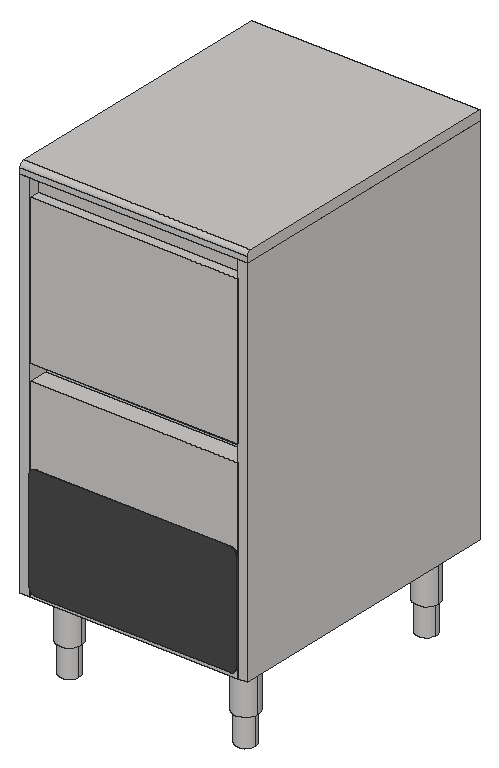
Revit family "QF_ELECTROLUXPROFESSIONAL_730314_ICB38I20SNP", category Attrezzature speciali, Revit 2018
Family settings
  Quota connettore circolare = Usa diametro
  Tipo di parte = Normale
  Basato su piano di lavoro = No
  Sempre verticale = Sì
  Taglio con vuoti quando caricato = No
  Condiviso = No
  Punto di calcolo locali = No
Parameters (values of type "Standard")
  Weight = 45.00 kg
  Watts = 1000 W
  Volts = 220 V
  URL Manufacturer = "https://www.electroluxprofessional.com/"
  URL = "https://www.electroluxprofessional.com/"
  Steam Supply Size = 0 mm
  Steam Supply Minimum Pressure = 0.0 Pa
  Steam Supply Maximum Pressure = 0.0 Pa
  Steam Pounds per Hour = 0
  Show Logo [instance] = yes
  Show Clearance [instance] = yes
  Refrigeration Suction Line Size = 0 mm
  Refrigeration Liquid Line Size = 0 mm
  Refrigerant Compressor Remote = yes
  Produttore = "Electrolux Professional"
  Phase = 1
  Modello = "ICB38I20SNP"
  Length Actual = 465 mm  # constant formula
  Item Number = "730314"
  Hot Water Size = 0 mm
  Height Actual = 894 mm  # constant formula
  HP = "1.3 HP"
  Gas Size = 0 mm
  Gas KW = 0
  Gas Input Pressure = 0 W
  Descrizione = "WATER COOLED ICE CUBER 22GR 38KG/24H-BIN 20KG"
  Depth Actual = 595 mm  # constant formula
  Cycle = 50 Hz
  Condensate Return Size = 0 mm
  Compressed Air Volume = 0.0 L/s
  Compressed Air Size = 0 mm
  Compressed Air Pressure = 0.0 Pa
  Cold Water Size = 19.05 mm
  Accessory = yes
Reference planes
  plane 1 "Center X": y = 272.851
  plane 2: z = 0
  plane 3 "Center Y": x = -501.5
  plane 4 "LEFT": x = -734
  plane 5 "RIGHT": x = -269
  plane 6 "FRONT": y = -24.149
  plane 7 "BACK": y = 569.851
  plane 8: z = 155
  plane 9: z = 944
  plane 10: z = 924
  plane 11: x = -714
  plane 12: x = -289
  plane 13: y = 15.851
Forms (mm)
  Extrusion 1, solid, material "QF_Finishes_Black"
    sketch origin (-217.296, -24.149, 371.513) x (-1, 0, 0) y (0, 0, -1)
      loop
        arc (481.704, -21.487) -> (492.311, -17.093) -> (496.704, -6.487) r 15
        line (496.704, -6.487) -> (496.704, 194.469)
        arc (496.704, 194.469) -> (492.311, 205.075) -> (481.704, 209.469) r 15
        line (481.704, 209.469) -> (86.704, 209.469)
        arc (86.704, 209.469) -> (76.097, 205.075) -> (71.704, 194.469) r 15
        line (71.704, 194.469) -> (71.704, -6.487)
        arc (71.704, -6.487) -> (76.097, -17.093) -> (86.704, -21.487) r 15
        line (86.704, -21.487) -> (481.704, -21.487)
    from 0 to 2
  Extrusion 2, solid, material "QF_Finishes_Stainless Steel"
    sketch origin (-501.5, 0, 0) x (0, 1, 0) y (0, 0, 1)
      loop
        line (569.851, 924) -> (569.851, 944) -> (-14.149, 944)
        arc (-14.149, 944) -> (-21.22, 941.071) -> (-24.149, 934) r 10
        line (-24.149, 934) -> (-24.149, 924) -> (569.851, 924)
    from -232.5 to 232.5
  Extrusion 3, solid, material "QF_Finishes_Stainless Steel"
    sketch origin (-321.2, 569.851, -329.545) x (1, 0, 0) y (0, 0, -1)
      loop
        circle (-16.8, -655.545) r 10
    from 0 to 10
  Extrusion 4, solid, material "QF_Finishes_Stainless Steel"
    sketch origin (0, 0, 0) x (1, 0, 0) y (0, 1, 0)
      loop
        line (-734, 569.851) -> (-734, -24.149) -> (-714, -24.149) -> (-714, 569.851) -> (-734, 569.851)
    from 155 to 924
  Extrusion 5, solid, material "QF_Finishes_Stainless Steel"
    sketch origin (0, 0, 0) x (1, 0, 0) y (0, 1, 0)
      loop
        line (-289, 569.851) -> (-289, -24.149) -> (-269, -24.149) -> (-269, 569.851) -> (-289, 569.851)
    from 155 to 924
  Extrusion 6, solid, material "QF_Finishes_Stainless Steel"
    sketch origin (0, 0, 0) x (1, 0, 0) y (0, 1, 0)
      loop
        line (-714, 569.851) -> (-714, 15.851) -> (-289, 15.851) -> (-289, 569.851) -> (-714, 569.851)
    from 155 to 924
  Extrusion 7, solid, material "QF_Finishes_Stainless Steel"
    sketch origin (0, 0, 0) x (1, 0, 0) y (0, 1, 0)
      loop
        line (-714, -24.149) -> (-289, -24.149) -> (-289, 15.851) -> (-714, 15.851) -> (-714, -24.149)
    from 155 to 550.848
  Extrusion 8, solid, material "QF_Finishes_Stainless Steel"
    sketch origin (-501.5, 0, 0) x (0, 1, 0) y (0, 0, 1)
      loop
        line (15.851, 924) -> (-4.149, 924) -> (-4.149, 888) -> (-24.149, 888) -> (-24.149, 584.768) -> (-4.149, 584.768) -> (-4.149, 569) -> (15.851, 569) -> (15.851, 924)
    from -212.5 to 212.5
  Extrusion 9, solid, material "QF_Finishes_Stainless Steel"
    sketch origin (-303.2, 569.851, -440.545) x (1, 0, 0) y (0, 0, -1)
      loop
        circle (-16.8, -655.545) r 10
    from 0 to 10
  Extrusion 10, solid, material "QF_Finishes_Stainless Steel"
    sketch origin (-363.2, 569.851, -361.545) x (1, 0, 0) y (0, 0, -1)
      loop
        circle (-16.8, -655.545) r 10
    from 0 to 10
Lines and regions (mm)
  Split face 1
    outline origin (-501.5, -4.149, 924) x (0, 0, -1) y (1, 0, 0)
      loop
        line (5.715, 89.928) -> (30.715, 89.928) -> (30.715, 129.928) -> (5.715, 129.928) -> (5.715, 89.928)
  symbolic lines
    curve 1: line (-734, 569.851, 0) -> (-269, 569.851, 0)
    curve 2: line (-734, -24.149, 0) -> (-734, 569.851, 0)
    curve 3: line (-269, -24.149, 0) -> (-734, -24.149, 0)
    curve 4: line (-269, 569.851, 0) -> (-269, -24.149, 0)
Dimensions and locks
  equal spacing: plane 4 "LEFT", plane 3 "Center Y", plane 5 "RIGHT"
  plane 4 "LEFT" to plane 5 "RIGHT" = 465 mm
  equal spacing: plane 7 "BACK", plane 1 "Center X", plane 6 "FRONT"
  plane 7 "BACK" to plane 6 "FRONT" = 594 mm
  plane 8 to plane 2 = 155 mm
  plane 9 to plane 8 = 789 mm
  locked: plane 4 "LEFT" to plane 11 at 20
  locked: plane 12 to plane 5 "RIGHT" at 20
  locked: plane 9 to plane 10 at 20
  locked: plane 13 to plane 6 "FRONT" at 40
  aligned and locked: level to plane 2
  aligned and locked: plane 5 "RIGHT" to Extrusion 2
  aligned and locked: Extrusion 2 to plane 4 "LEFT"
  aligned and locked: Extrusion 4 sketch curve to Extrusion 2  (x2)
  aligned and locked: plane 6 "FRONT" to Extrusion 4 sketch curve
  aligned and locked: Extrusion 4 sketch curve to plane 11
  aligned and locked: Extrusion 5 sketch curve to plane 7 "BACK"
  aligned and locked: plane 12 to Extrusion 5 sketch curve
  aligned and locked: Extrusion 5 sketch curve to Extrusion 2  (x2)
  aligned and locked: plane 10 to Extrusion 4
  aligned and locked: plane 10 to Extrusion 5
  aligned and locked: Extrusion 4 to plane 8
  aligned and locked: Extrusion 5 to plane 8
  aligned and locked: Extrusion 6 sketch curve to Extrusion 4
  aligned and locked: Extrusion 4 to Extrusion 6 sketch curve
  aligned and locked: plane 13 to Extrusion 6 sketch curve
  aligned and locked: Extrusion 6 sketch curve to plane 12
  aligned and locked: plane 10 to Extrusion 6
  aligned and locked: Extrusion 6 to plane 8
  aligned and locked: Extrusion 4 to Extrusion 7 sketch curve
  aligned and locked: Extrusion 7 sketch curve to Extrusion 4
  aligned and locked: plane 13 to Extrusion 7 sketch curve
  aligned and locked: plane 12 to Extrusion 7 sketch curve
  aligned and locked: Extrusion 7 to plane 8
  aligned and locked: plane 12 to Extrusion 8
  aligned and locked: Extrusion 8 to plane 11
Automatic sketch dimensions
  curve 3 to plane 4 "LEFT" = 0 mm
  curve 3 to plane 5 "RIGHT" = 0 mm
  curve 3 to plane 6 "FRONT" = 0 mm
  curve 2 to plane 7 "BACK" = 0 mm
  Extrusion 1 sketch curve to plane 12 = 0 mm
  plane 8 to Extrusion 1 sketch curve = 7.044 mm
  Extrusion 1 sketch curve to Extrusion 1 sketch curve = 15 mm  (x3)
  plane 11 to Extrusion 1 sketch curve = 15 mm  (x2)
  Extrusion 1 sketch curve to Extrusion 1 sketch curve = 200.956 mm
  Extrusion 2 sketch curve to plane 6 "FRONT" = 0 mm
  Extrusion 2 sketch curve to plane 9 = 0 mm
  Extrusion 2 sketch curve to plane 7 "BACK" = 0 mm
  Extrusion 2 sketch curve to plane 10 = 0 mm
  plane 6 "FRONT" to Extrusion 2 sketch curve = 10 mm
  Extrusion 6 to Extrusion 3 sketch curve = 171 mm
  Extrusion 3 sketch curve to Extrusion 6 = 49 mm
  Extrusion 8 sketch curve to plane 6 "FRONT" = 0 mm
  Extrusion 8 sketch curve to plane 10 = 0 mm
  Extrusion 8 sketch curve to plane 13 = 0 mm
  plane 6 "FRONT" to Extrusion 8 sketch curve = 20 mm  (x2)
  Extrusion 8 sketch curve to plane 10 = 36 mm
  Extrusion 8 sketch curve to Extrusion 8 sketch curve = 303.232 mm
  Extrusion 8 sketch curve to Extrusion 8 sketch curve = 15.768 mm
  Split face 1 sketch curve to Extrusion 8 = 5.715 mm
  Extrusion 8 to Split face 1 sketch curve = 5.285 mm
  Split face 1 sketch curve to Extrusion 8 = 122.572 mm
  Split face 1 sketch curve to Split face 1 sketch curve = 40 mm
  Extrusion 9 sketch curve to Extrusion 6 = 31 mm
  Extrusion 6 to Extrusion 9 sketch curve = 60 mm
  Extrusion 10 sketch curve to Extrusion 6 = 91 mm
  Extrusion 6 to Extrusion 10 sketch curve = 139 mm
  radius of Extrusion 3 sketch curve = 10 mm
  radius of Extrusion 9 sketch curve = 10 mm
  radius of Extrusion 10 sketch curve = 10 mm
Nested families
  nested 1: "Foot_Complete" at (-682, 36.851, 0), type "Foot_Complete"
    with H 155 mm
  nested 2: "Foot_Complete" at (-321, 36.851, 0) x (-1, 0, 0) z (0, 0, 1), type "Foot_Complete"
    with H 155 mm
  nested 3: "Foot_Complete" at (-682, 498.851, 0), type "Foot_Complete"
    with H 155 mm
  nested 4: "Foot_Complete" at (-321, 498.851, 0) x (-1, 0, 0) z (0, 0, 1), type "Foot_Complete"
    with H 155 mm
Connectors
  electrical at (-320, 579.851, 215), driven by "Volts"
    settings: on Extrusion 9, index 1, voltage 220 V, apparent load 0 VA, apparent load phase1 0 VA, apparent load phase2 0 VA, apparent load phase3 0 VA, power factor 1, load classification "Altro", number of poles 1, system type 30, power factor state 1, is connector primary yes, connector utility no, sub classification motor no, connector description "Electrical Connection"
  piping at (-338, 579.851, 326), diameter 20
    settings: on Extrusion 3, index 2, connector inside diameter 609.6 mm, connector length 0 mm, flow factor 0, pipe flow 0.0 L/s, pressure drop 0.0 Pa, fitting loss kfactor 0, connector angle 0.00°, fixture units 0, engagement length 0 mm, angle of deflection 0.00°, flow configuration 0, flow direction 0, fitting loss method 0, system type 20, joint type 0, gender type 0, connector reference index -1, connector utility 0, adjustable connector no, is connector primary yes, connector description "Cold water"
  piping at (-380, 579.851, 294), diameter 20
    settings: on Extrusion 10, index 3, connector inside diameter 609.6 mm, connector length 0 mm, flow factor 0, pipe flow 0.0 L/s, pressure drop 0.0 Pa, fitting loss kfactor 0, connector angle 0.00°, fixture units 0, engagement length 0 mm, angle of deflection 0.00°, flow configuration 0, flow direction 0, fitting loss method 0, system type 16, joint type 0, gender type 0, connector reference index -1, connector utility 0, adjustable connector no, is connector primary no, connector description "Drain"
Definition of nested family "Foot_Complete"
  Parameters (values of type "Foot_Complete")
    R = 25 mm
    H = 153 mm
  Reference planes
    plane 1 "Centro (Fronte/Retro)": y = 0
    plane 2: z = 0
    plane 3 "Centro (Sinistra/Destra)": x = 0
    plane 4: z = 153
  Forms (mm)
    Revolve 1, solid
      sketch origin (255.05, 0, 608.09) x (0, 0, 1) y (-1, 0, 0)
        loop
          line (-608.09, 255.05) -> (-608.09, 235.05) -> (-548.09, 235.05) -> (-548.09, 230.05) -> (-455.09, 230.05) -> (-455.09, 255.05) -> (-608.09, 255.05)
        axis (-608.09, 255.05) -> (-455.09, 255.05)
      angle from 0 to 360
  Dimensions and locks
    level to Revolve 1 sketch curve = 60 mm
    "R": Revolve 1 sketch curve to plane 3 "Centro (Sinistra/Destra)"
    "H": plane 4 to level
    aligned and locked: level to plane 2
    aligned and locked: plane 4 to Revolve 1 sketch curve
    aligned and locked: Revolve 1 sketch curve to level
    aligned and locked: plane 3 "Centro (Sinistra/Destra)" to Revolve 1 sketch curve
  Automatic sketch dimensions
    Revolve 1 sketch curve to plane 3 "Centro (Sinistra/Destra)" = 0 mm
    plane 3 "Centro (Sinistra/Destra)" to Revolve 1 sketch curve = 20 mm
    Revolve 1 sketch curve to Revolve 1 sketch curve = 50 mm
    Revolve 1 sketch curve to Revolve 1 sketch curve = 20 mm
